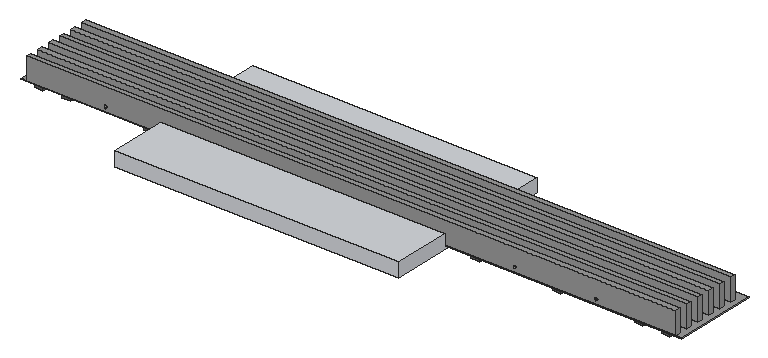
Revit family "1414-6, Solid", category Generic Models, host Face, Revit 2020
Family settings
  Host = Face
  Can host rebar = No
  Round Connector Dimension = Use Diameter
  Part Type = Normal
  Cut with Voids When Loaded = No
  Shared = No
  Room Calculation Point = No
Parameters
  min_value [instance] = 2' - 4"  # constant formula
  max_value [instance] = 11' - 11 1/4"  # constant formula
  actual_value [instance] = if(NET LENGTH < min_value, min_value, if(NET LENGTH > max_value, max_value, NET LENGTH))  # 7' - 11 1/4"
  SCRIM MATERIAL [instance] = SCRIM
  SCRIM APPEARANCE [instance] = yes
  NET LENGTH [instance] = 7' - 11 1/4"
  IMPORTANT NOTE!!!                                                                             *Backer & dowel layout is for visualization purposes only, final layout to be determined by 9Wood. [instance] = ""
  Default Elevation = 4' - 0"
  DOWEL RADIUS [instance] = 0' - 0 1/4"  # constant formula
  BACKER & DOWEL MATERIAL [instance] = BLACK-BACKERS
  .. MEMBER WIDTH [instance] = 0' - 0 3/4"  # constant formula
  .. MEMBER MATERIAL [instance] = Solid Western Hemlock
  .. MEMBER DEPTH [instance] = 0' - 3 1/4"  # constant formula
  .. MEMBER COUNT [instance] = 6  # constant formula
Reference planes (in)
  plane 1 "Center (Front/Back)": y = 0
  plane 2: z = 0
  plane 3 "Center (Left/Right)": x = 0
Forms (in)
  Extrusion 1, solid
    sketch origin (0, 0, 0) x (1, 0, 0) y (0, 1, 0)
      loop
        line (-24.24823, 14.63962) -> (-24.24823, -10.69266) -> (17.36192, -10.69266) -> (17.36192, 14.63962) -> (-24.24823, 14.63962)
    from 0 to 2.0625
Dimensions and locks (in)
  aligned and locked: plane 2 to Extrusion 1
Nested families (in)
  nested 1: "1400 series" at (-44.01308, -2.1224, 0.00189), NET LENGTH <- "actual_value", .. MEMBER DEPTH <- ".. MEMBER DEPTH", .. MEMBER WIDTH <- ".. MEMBER WIDTH", DOWEL RADIUS <- "DOWEL RADIUS", BACKER & DOWEL MATERIAL <- "BACKER & DOWEL MATERIAL", .. MEMBER MATERIAL <- ".. MEMBER MATERIAL", SCRIM MATERIAL <- "SCRIM MATERIAL", MEMBER COUNT <- ".. MEMBER COUNT", SCRIM APPEARANCE <- "SCRIM APPEARANCE", type "1400 series"
    with X 7' - 8", SCRIM MATERIAL SCRIM, SCRIM LENGTH 8' - 1", SCRIM APPEARANCE yes, SCRIM 2 0' - 0 7/8", SCRIM 1 0' - 0 3/32", OC TYP 1' - 0", NET LENGTH 7' - 11 1/4", N 8, MEMBER COUNT 6, INSET 2 0' - 0 3/16", INSET 0' - 1", HALF MEMBER WIDTH 0' - 0 3/8", END BACKER yes, DOWEL RADIUS 0' - 0 1/4", DOWEL INDEX 0' - 11 5/8", DOWEL COUNT 7, BACKING M COUNT 8, BACKER WIDTH 0' - 1 1/4", BACKER INDEX 0' - 5 5/8", BACKER DEPTH 0' - 0 1/2", BACKER & DOWEL MATERIAL BLACK-BACKERS, BACKER &  DOWEL LENGTH 0' - 11 7/8", .. MEMBER WIDTH 0' - 0 3/4", .. MEMBER OC TYP 0' - 2", .. MEMBER MATERIAL Solid Western Hemlock, .. MEMBER DEPTH 0' - 3 1/4"
Definition of nested family "1400 series"
  Parameters (values of type "1400 series")
    X [instance] = NET LENGTH - 0' 3 1/4"  # 7' - 2"
    SCRIM MATERIAL [instance] = none
    SCRIM APPEARANCE [instance] = yes
    SCRIM 2 [instance] = 0' - 0 7/8"  # constant formula
    SCRIM 1 [instance] = 0' - 0 3/32"  # constant formula
    OC TYP [instance] = 1' - 0"  # constant formula
    N [instance] = if((X - (rounddown(X / 1' 0") * 1' 0")) > 1' 0", rounddown(X / 1' 0") + 2, rounddown(X / 1' 0") + 1)  # 8
    MEMBER COUNT [instance] = 2
    INSET 5 = 0' - 0 11/16"  # constant formula
    INSET 2 [instance] = 0' - 0 3/16"  # constant formula
    INSET [instance] = 0' - 1"  # constant formula
    END BACKER [instance] = BACKER INDEX > 0' 3 5/8"  # no
    HALF MEMBER WIDTH [instance] = .. MEMBER WIDTH / 2  # 0' - 1 1/8"
    Default Elevation = 0' - 0"
    DOWEL RADIUS [instance] = 0' - 0 1/4"
    DOWEL INDEX [instance] = BACKER INDEX + 0' 6"  # 0' - 8 5/8"
    DOWEL COUNT [instance] = N - 1  # 7
    BACKER WIDTH [instance] = 0' - 1 1/4"  # constant formula
    BACKER INDEX [instance] = (NET LENGTH - ((N - 1) * 1' 0")) / 2  # 0' - 2 5/8"
    BACKER DEPTH [instance] = 0' - 0 1/2"  # constant formula
    BACKING M COUNT [instance] = N  # 8
    BACKER & DOWEL MATERIAL [instance] = none
    BACKER &  DOWEL LENGTH [instance] = 0' - 11 7/8"  # constant formula
    SCRIM LENGTH [instance] = NET LENGTH + (SCRIM 2 * 2)  # 7' - 7"
    .. MEMBER WIDTH [instance] = 0' - 2 1/4"
    .. MEMBER OC TYP [instance] = 1' 0" / MEMBER COUNT  # 0' - 6"
    .. MEMBER MATERIAL [instance] = none
    NET LENGTH [instance] = 7' - 5 1/4"
    .. MEMBER DEPTH [instance] = 0' - 4"
  Reference planes (in)
    plane 1 "Center (Front/Back)": y = 0
    plane 2: z = 0
    plane 3 "Center (Left/Right)": x = 0
    plane 4: x = 89.25
    plane 5: x = 1
    plane 6: x = 88.25
    plane 7: x = 2.625
    plane 8: x = 8.625
    plane 9: x = 14.625
    plane 10: x = 20.625
    plane 11: y = 0.1875
    plane 12: y = 1.125
    plane 13: y = 7.125
    plane 14: y = 12.0625
    plane 15: x = 90.125
    plane 16: x = -0.875
    plane 17: y = 12.15625
    plane 18: y = -0.09375
    plane 19: z = 2.7097
    plane 20: z = 0.49811
    plane 21: z = 0.56061
    plane 22: z = 1.24811
  Lines and regions (in)
    model lines, not visible
      curve 1: line (8.625, 0, 0.99811) -> (8.625, 0, 1.49811)
      curve 2: line (8.625, 0, 1.49811) -> (8.375, 0, 1.24811)
      curve 3: line (8.375, 0, 1.24811) -> (8.875, 0, 1.24811)
      curve 4: line (20.625, 0, 0.99811) -> (20.625, 0, 1.49811)
      curve 5: line (20.625, 0, 1.49811) -> (20.375, 0, 1.24811)
      curve 6: line (20.375, 0, 1.24811) -> (20.875, 0, 1.24811)
      curve 7: line (32.625, 0, 0.99811) -> (32.625, 0, 1.49811)
      curve 8: line (32.625, 0, 1.49811) -> (32.375, 0, 1.24811)
      curve 9: line (32.375, 0, 1.24811) -> (32.875, 0, 1.24811)
      curve 10: line (44.625, 0, 0.99811) -> (44.625, 0, 1.49811)
      curve 11: line (44.625, 0, 1.49811) -> (44.375, 0, 1.24811)
      curve 12: line (44.375, 0, 1.24811) -> (44.875, 0, 1.24811)
      curve 13: line (56.625, 0, 0.99811) -> (56.625, 0, 1.49811)
      curve 14: line (56.625, 0, 1.49811) -> (56.375, 0, 1.24811)
      curve 15: line (56.375, 0, 1.24811) -> (56.875, 0, 1.24811)
      curve 16: line (68.625, 0, 0.99811) -> (68.625, 0, 1.49811)
      curve 17: line (68.625, 0, 1.49811) -> (68.375, 0, 1.24811)
      curve 18: line (68.375, 0, 1.24811) -> (68.875, 0, 1.24811)
      curve 19: line (80.625, 0, 0.99811) -> (80.625, 0, 1.49811)
      curve 20: line (80.625, 0, 1.49811) -> (80.375, 0, 1.24811)
      curve 21: line (80.375, 0, 1.24811) -> (80.875, 0, 1.24811)
  Dimensions and locks (in)
    "INSET": plane 3 "Center (Left/Right)" to plane 5
    "NET LENGTH": plane 3 "Center (Left/Right)" to plane 4
    "INSET": plane 6 to plane 4
    "BACKER INDEX": plane 3 "Center (Left/Right)" to plane 7
    "DOWEL INDEX": plane 3 "Center (Left/Right)" to plane 8
    "OC TYP": plane 7 to plane 9
    "OC TYP": plane 8 to plane 10
    "INSET 2": plane 1 "Center (Front/Back)" to plane 11
    equal spacing: group 1, group 2, group 5, group 6, group 7, group 13, group 14, group 16  (x3)
    equal spacing: group 3, group 4, group 8, group 9, group 10, group 15, group 17  (x3)
    group 11 to group 12 = 0' - 0"  (x2)
    group 11 to group 12 = 0' - 6"
    ".. MEMBER OC TYP": plane 13 to plane 12
    "HALF MEMBER WIDTH": plane 1 "Center (Front/Back)" to plane 12
    "SCRIM 2": plane 16 to plane 3 "Center (Left/Right)"
    "SCRIM 2": plane 4 to plane 15
    "SCRIM 1": plane 18 to plane 1 "Center (Front/Back)"
    "SCRIM 1": plane 17 to plane 14
    "INSET 5": plane 22 to plane 21
    aligned and locked: level to plane 2
    aligned and locked: plane 7 to nested 2
    aligned and locked: plane 5 to nested 1
    aligned and locked: plane 9 to nested 3
    aligned and locked: nested 1 to plane 5
    aligned and locked: nested 2 to plane 11
    aligned and locked: nested 1 to plane 11
    aligned and locked: nested 3 to plane 11
    aligned and locked: nested 4 to plane 11  (x2)
    aligned and locked: plane 10 to nested 5
    aligned and locked: plane 6 to nested 12
    aligned and locked: nested 5 to plane 11
    aligned and locked: plane 11 to nested 12
    aligned and locked: plane 12 to nested 13
    aligned and locked: nested 14 to plane 13
    aligned and locked: plane 14 to nested 8
    aligned and locked: plane 16 to nested 15
    aligned and locked: nested 15 to plane 18
    aligned and locked: nested 15 to plane 17
    aligned and locked: nested 15 to plane 16  (x2)
    aligned and locked: nested 1 to level
    aligned and locked: level to nested 3
    aligned and locked: plane 20 to nested 2
    aligned and locked: plane 20 to nested 1
    aligned and locked: plane 20 to nested 3
    aligned and locked: nested 12 to plane 20
    aligned and locked: nested 15 to plane 20
    aligned and locked: plane 21 to nested 15
    aligned and locked: nested 13 to plane 21
    aligned and locked: plane 22 to nested 4
    aligned and locked: plane 22 to nested 5
    aligned and locked: nested 13 to plane 8
    aligned and locked: plane 10 to nested 13
    aligned and locked: curve 1 to nested 13
    aligned and locked: nested 13 to curve 4
  Automatic sketch dimensions
    curve 3 to curve 1 = 0' - 0 1/4"  (x2)
    curve 1 to curve 3 = 0' - 0 1/4"
    curve 1 to curve 2 = 0' - 0 1/4"
    curve 6 to curve 4 = 0' - 0 1/4"  (x2)
    curve 4 to curve 6 = 0' - 0 1/4"
    curve 4 to curve 5 = 0' - 0 1/4"
    curve 9 to curve 7 = 0' - 0 1/4"  (x2)
    curve 7 to curve 9 = 0' - 0 1/4"
    curve 7 to curve 8 = 0' - 0 1/4"
    curve 12 to curve 10 = 0' - 0 1/4"  (x2)
    curve 10 to curve 12 = 0' - 0 1/4"
    curve 10 to curve 11 = 0' - 0 1/4"
    curve 15 to curve 13 = 0' - 0 1/4"  (x2)
    curve 13 to curve 15 = 0' - 0 1/4"
    curve 13 to curve 14 = 0' - 0 1/4"
    curve 18 to curve 16 = 0' - 0 1/4"  (x2)
    curve 16 to curve 18 = 0' - 0 1/4"
    curve 16 to curve 17 = 0' - 0 1/4"
    curve 21 to curve 19 = 0' - 0 1/4"  (x2)
    curve 19 to curve 21 = 0' - 0 1/4"
    curve 19 to curve 20 = 0' - 0 1/4"
  Nested families (in)
    nested 1: "INSTANCE - 3RD -  EXTEND BOTH SIDES - Parametric Cube.0001" at (1, 0.1875, 0.49811), Length <- "BACKER &  DOWEL LENGTH", Width <- "BACKER WIDTH", Height <- "BACKER DEPTH", Material <- "BACKER & DOWEL MATERIAL", visible <- "END BACKER", type "INSTANCE - 3RD -  EXTEND BOTH SIDES - Parametric Cube.0001"
      with Width 0' - 1 1/4", Material none, Length 0' - 11 7/8", Height 0' - 0 1/2"
    nested 2: "INSTANCE - 2ND -  EXTEND SIDE H CENTER W - Parametric Cube.0001" at (2.625, 0.1875, 0.49811), Width <- "BACKER WIDTH", Length <- "BACKER &  DOWEL LENGTH", Height <- "BACKER DEPTH", Material <- "BACKER & DOWEL MATERIAL", type "INSTANCE - 2ND -  EXTEND SIDE H CENTER W - Parametric Cube.0001"
      with Width 0' - 1 1/4", Material none, Length 0' - 11 7/8", Height 0' - 0 1/2"
    nested 3: "INSTANCE - 2ND -  EXTEND SIDE H CENTER W - Parametric Cube.0001" at (14.625, 0.1875, 0.49811), Width <- "BACKER WIDTH", Length <- "BACKER &  DOWEL LENGTH", Height <- "BACKER DEPTH", Material <- "BACKER & DOWEL MATERIAL", type "INSTANCE - 2ND -  EXTEND SIDE H CENTER W - Parametric Cube.0001"
      with Width 0' - 1 1/4", Material none, Length 0' - 11 7/8", Height 0' - 0 1/2"
    nested 4: "DOWEL" at (-1.375, 0.1875, 1.24811), DOWEL LENGTH <- "BACKER &  DOWEL LENGTH", DOWEL RADII <- "DOWEL RADIUS", BACKING MEM MATERIAL <- "BACKER & DOWEL MATERIAL", type "DOWEL"
      with DOWEL RADII 0' - 0 1/4", DOWEL LENGTH 0' - 11 7/8", BACKING MEM MATERIAL none
    nested 5: "DOWEL" at (10.625, 0.1875, 1.24811), DOWEL LENGTH <- "BACKER &  DOWEL LENGTH", DOWEL RADII <- "DOWEL RADIUS", BACKING MEM MATERIAL <- "BACKER & DOWEL MATERIAL", type "DOWEL"
      with DOWEL RADII 0' - 0 1/4", DOWEL LENGTH 0' - 11 7/8", BACKING MEM MATERIAL none
    nested 6: "INSTANCE - 2ND -  EXTEND SIDE H CENTER W - Parametric Cube.0001" at (26.625, 0.1875, 0.49811), Width <- "BACKER WIDTH", Length <- "BACKER &  DOWEL LENGTH", Height <- "BACKER DEPTH", Material <- "BACKER & DOWEL MATERIAL", type "INSTANCE - 2ND -  EXTEND SIDE H CENTER W - Parametric Cube.0001"
      with Width 0' - 1 1/4", Material none, Length 0' - 11 7/8", Height 0' - 0 1/2"
    nested 7: "INSTANCE - 2ND -  EXTEND SIDE H CENTER W - Parametric Cube.0001" at (38.625, 0.1875, 0.49811), Width <- "BACKER WIDTH", Length <- "BACKER &  DOWEL LENGTH", Height <- "BACKER DEPTH", Material <- "BACKER & DOWEL MATERIAL", type "INSTANCE - 2ND -  EXTEND SIDE H CENTER W - Parametric Cube.0001"
      with Width 0' - 1 1/4", Material none, Length 0' - 11 7/8", Height 0' - 0 1/2"
    nested 8: "INSTANCE - 2ND -  EXTEND SIDE H CENTER W - Parametric Cube.0001" at (50.625, 0.1875, 0.49811), Width <- "BACKER WIDTH", Length <- "BACKER &  DOWEL LENGTH", Height <- "BACKER DEPTH", Material <- "BACKER & DOWEL MATERIAL", type "INSTANCE - 2ND -  EXTEND SIDE H CENTER W - Parametric Cube.0001"
      with Width 0' - 1 1/4", Material none, Length 0' - 11 7/8", Height 0' - 0 1/2"
    nested 9: "DOWEL" at (22.625, 0.1875, 1.24811), DOWEL LENGTH <- "BACKER &  DOWEL LENGTH", DOWEL RADII <- "DOWEL RADIUS", BACKING MEM MATERIAL <- "BACKER & DOWEL MATERIAL", type "DOWEL"
      with DOWEL RADII 0' - 0 1/4", DOWEL LENGTH 0' - 11 7/8", BACKING MEM MATERIAL none
    nested 10: "DOWEL" at (34.625, 0.1875, 1.24811), DOWEL LENGTH <- "BACKER &  DOWEL LENGTH", DOWEL RADII <- "DOWEL RADIUS", BACKING MEM MATERIAL <- "BACKER & DOWEL MATERIAL", type "DOWEL"
      with DOWEL RADII 0' - 0 1/4", DOWEL LENGTH 0' - 11 7/8", BACKING MEM MATERIAL none
    nested 11: "DOWEL" at (46.625, 0.1875, 1.24811), DOWEL LENGTH <- "BACKER &  DOWEL LENGTH", DOWEL RADII <- "DOWEL RADIUS", BACKING MEM MATERIAL <- "BACKER & DOWEL MATERIAL", type "DOWEL"
      with DOWEL RADII 0' - 0 1/4", DOWEL LENGTH 0' - 11 7/8", BACKING MEM MATERIAL none
    nested 12: "INSTANCE - 3RD -  EXTEND BOTH SIDES - Parametric Cube.0001" at (88.25, 0.1875, 0.49811) x (-1, 0, 0) z (0, 0, 1), Width <- "BACKER WIDTH", Length <- "BACKER &  DOWEL LENGTH", Height <- "BACKER DEPTH", Material <- "BACKER & DOWEL MATERIAL", visible <- "END BACKER", type "INSTANCE - 3RD -  EXTEND BOTH SIDES - Parametric Cube.0001"
      with Width 0' - 1 1/4", Material none, Length 0' - 11 7/8", Height 0' - 0 1/2"
    nested 13: "HOLED MEMBER" at (0, -9.75, 8.12965), DOWEL INDEX <- "DOWEL INDEX", .. MEMBER LENGTH <- "NET LENGTH", .. MEMBER WIDTH <- ".. MEMBER WIDTH", DOWEL OC DIST <- "OC TYP", DOWEL RADII <- "DOWEL RADIUS", Material <- ".. MEMBER MATERIAL", DEPTH <- ".. MEMBER DEPTH", DOWEL COUNT <- "DOWEL COUNT", Space <- "INSET 5", type "HOLED MEMBER"
      with Space 0' - 0 11/16", Material none, Height 0' - 10.43096", HALF MEMBER WIDTH 0' - 1 1/8", DOWEL RADII 0' - 0 1/4", DOWEL OC DIST 1' - 0", DOWEL INDEX 0' - 8 5/8", DOWEL COUNT 7, DEPTH 0' - 4", .. MEMBER WIDTH 0' - 2 1/4", .. MEMBER LENGTH 7' - 5 1/4"
    nested 14: "HOLED MEMBER" at (0, -3.75, 8.12965), DOWEL INDEX <- "DOWEL INDEX", .. MEMBER LENGTH <- "NET LENGTH", .. MEMBER WIDTH <- ".. MEMBER WIDTH", DOWEL OC DIST <- "OC TYP", DOWEL RADII <- "DOWEL RADIUS", Material <- ".. MEMBER MATERIAL", DEPTH <- ".. MEMBER DEPTH", DOWEL COUNT <- "DOWEL COUNT", Space <- "INSET 5", type "HOLED MEMBER"
      with Space 0' - 0 11/16", Material none, Height 0' - 10.43096", HALF MEMBER WIDTH 0' - 1 1/8", DOWEL RADII 0' - 0 1/4", DOWEL OC DIST 1' - 0", DOWEL INDEX 0' - 8 5/8", DOWEL COUNT 7, DEPTH 0' - 4", .. MEMBER WIDTH 0' - 2 1/4", .. MEMBER LENGTH 7' - 5 1/4"
    nested 15: "INSTANCE - 3RD -  EXTEND BOTH SIDES - Parametric Cube.0001" at (-0.875, -0.09375, 0.56061), Width <- "SCRIM LENGTH", Material <- "SCRIM MATERIAL", visible <- "SCRIM APPEARANCE", type "INSTANCE - 3RD -  EXTEND BOTH SIDES - Parametric Cube.0001"
      with Width 7' - 7", Material none, Length 1' - 0 1/4", Height 0' - 0 1/16"
    nested 16: "INSTANCE - 2ND -  EXTEND SIDE H CENTER W - Parametric Cube.0001" at (62.625, 0.1875, 0.49811), Width <- "BACKER WIDTH", Length <- "BACKER &  DOWEL LENGTH", Height <- "BACKER DEPTH", Material <- "BACKER & DOWEL MATERIAL", type "INSTANCE - 2ND -  EXTEND SIDE H CENTER W - Parametric Cube.0001"
      with Width 0' - 1 1/4", Material none, Length 0' - 11 7/8", Height 0' - 0 1/2"
    nested 17: "INSTANCE - 2ND -  EXTEND SIDE H CENTER W - Parametric Cube.0001" at (74.625, 0.1875, 0.49811), Width <- "BACKER WIDTH", Length <- "BACKER &  DOWEL LENGTH", Height <- "BACKER DEPTH", Material <- "BACKER & DOWEL MATERIAL", type "INSTANCE - 2ND -  EXTEND SIDE H CENTER W - Parametric Cube.0001"
      with Width 0' - 1 1/4", Material none, Length 0' - 11 7/8", Height 0' - 0 1/2"
    nested 18: "DOWEL" at (58.625, 0.1875, 1.24811), DOWEL LENGTH <- "BACKER &  DOWEL LENGTH", DOWEL RADII <- "DOWEL RADIUS", BACKING MEM MATERIAL <- "BACKER & DOWEL MATERIAL", type "DOWEL"
      with DOWEL RADII 0' - 0 1/4", DOWEL LENGTH 0' - 11 7/8", BACKING MEM MATERIAL none
    nested 19: "INSTANCE - 2ND -  EXTEND SIDE H CENTER W - Parametric Cube.0001" at (86.625, 0.1875, 0.49811), Width <- "BACKER WIDTH", Length <- "BACKER &  DOWEL LENGTH", Height <- "BACKER DEPTH", Material <- "BACKER & DOWEL MATERIAL", type "INSTANCE - 2ND -  EXTEND SIDE H CENTER W - Parametric Cube.0001"
      with Width 0' - 1 1/4", Material none, Length 0' - 11 7/8", Height 0' - 0 1/2"
    nested 20: "DOWEL" at (70.625, 0.1875, 1.24811), DOWEL LENGTH <- "BACKER &  DOWEL LENGTH", DOWEL RADII <- "DOWEL RADIUS", BACKING MEM MATERIAL <- "BACKER & DOWEL MATERIAL", type "DOWEL"
      with DOWEL RADII 0' - 0 1/4", DOWEL LENGTH 0' - 11 7/8", BACKING MEM MATERIAL none
  Definition of nested family "INSTANCE - 3RD -  EXTEND BOTH SIDES - Parametric Cube.0001"
    Parameters (values of type "INSTANCE - 3RD -  EXTEND BOTH SIDES - Parametric Cube.0001")
      Width [instance] = 0' - 6"
      Material [instance] = none
      Length [instance] = 1' - 0"
      Height [instance] = 1' - 6"
      Default Elevation = 0' - 0"
    Reference planes (in)
      plane 1 "Center (Front/Back)": y = 0
      plane 2: z = 0
      plane 3 "Center (Left/Right)": x = 0
      plane 4: x = 6
      plane 5: y = 12
      plane 6: z = -18
    Forms (in)
      Extrusion 1, solid, material <- "Material"
        sketch origin (0, 6, 0) x (1, 0, 0) y (0, 1, 0)
          loop
            line (0, 6) -> (0, -6) -> (6, -6) -> (6, 6) -> (0, 6)
        from -18 to 0
    Dimensions and locks (in)
      "Height": plane 6 to level
      "Length": plane 1 "Center (Front/Back)" to plane 5
      "Width": plane 3 "Center (Left/Right)" to plane 4
      aligned and locked: plane 2 to level
      aligned and locked: Extrusion 1 sketch curve to plane 4
      aligned and locked: Extrusion 1 to plane 6
      aligned and locked: plane 5 to Extrusion 1
      aligned and locked: Extrusion 1 to plane 3 "Center (Left/Right)"
    Automatic sketch dimensions
      plane 1 "Center (Front/Back)" to Extrusion 1 sketch curve = 0' - 0"
      plane 5 to Extrusion 1 sketch curve = 0' - 0"
      Extrusion 1 sketch curve to plane 3 "Center (Left/Right)" = 0' - 0"
  Definition of nested family "INSTANCE - 2ND -  EXTEND SIDE H CENTER W - Parametric Cube.0001"
    Parameters (values of type "INSTANCE - 2ND -  EXTEND SIDE H CENTER W - Parametric Cube.0001")
      Width [instance] = 0' - 6"
      Material [instance] = none
      Length [instance] = 1' - 0"
      Height [instance] = 1' - 6"
      Default Elevation = 0' - 0"
    Reference planes (in)
      plane 1 "Center (Front/Back)": y = 0
      plane 2: z = 0
      plane 3 "Center (Left/Right)": x = 0
      plane 4: x = -3
      plane 5: x = 3
      plane 6: y = 12
      plane 7: z = -18
    Forms (in)
      Extrusion 1, solid, material <- "Material"
        sketch origin (0, 6, 0) x (1, 0, 0) y (0, 1, 0)
          loop
            line (-3, 6) -> (-3, -6) -> (3, -6) -> (3, 6) -> (-3, 6)
        from -18 to 0
    Dimensions and locks (in)
      equal spacing: plane 4, plane 3 "Center (Left/Right)", plane 5
      "Width": plane 4 to plane 5
      "Height": plane 7 to level
      "Length": plane 1 "Center (Front/Back)" to plane 6
      aligned and locked: plane 2 to level
      aligned and locked: plane 4 to Extrusion 1 sketch curve
      aligned and locked: Extrusion 1 sketch curve to plane 5
      aligned and locked: Extrusion 1 to plane 7
      aligned and locked: plane 6 to Extrusion 1
    Automatic sketch dimensions
      plane 1 "Center (Front/Back)" to Extrusion 1 sketch curve = 0' - 0"
      plane 6 to Extrusion 1 sketch curve = 0' - 0"
  Definition of nested family "DOWEL"
    Parameters (values of type "DOWEL")
      Default Elevation = 0' - 0"
      DOWEL RADII [instance] = 0' - 0 5/8"
      DOWEL LENGTH [instance] = 1' - 0"
      BACKING MEM MATERIAL [instance] = none
    Reference planes (in)
      plane 1 "Center (Front/Back)": y = 0
      plane 2: z = 0
      plane 3 "Center (Left/Right)": x = 0
      plane 4: y = 12
    Forms (in)
      Extrusion 1, solid, material <- "BACKING MEM MATERIAL"
        sketch origin (10, 0, 0) x (1, 0, 0) y (0, 0, 1)
          loop
            circle (0, 0) r 0.625
        from 0 to -12
      Extrusion 2, solid, not visible
        sketch origin (0, 0, 0) x (1, 0, 0) y (0, 0, 1)
          loop
            circle (0, 0) r 0.625
        from 0 to 12
      Extrusion 3, solid, not visible
        sketch origin (10, 0, 0) x (1, 0, 0) y (0, 0, 1)
          loop
            circle (0, 0) r 0.625
        from 0 to 2.5
      Extrusion 4, solid, not visible
        sketch origin (10, 0, 0) x (1, 0, 0) y (0, 0, 1)
          loop
            circle (0, 0) r 0.625
        from 0 to -12
    Lines and regions (in)
      model lines, not visible
        curve 1: line (-13, 0, 0) -> (-13, -12, 0)
        curve 2: line (13, 0, 0) -> (13, -12, 0)
        curve 3: line (9.89453, 0, 0) -> (10.08794, 0, 0)
        curve 4: line (9.89453, -2.5, 0) -> (10.08794, -2.5, 0)
        curve 6: line (10, 0, 0) -> (10, 2, 0)
      model lines
        curve 5: line (10, 0, 0) -> (10, 2, 0)
    Dimensions and locks (in)
      "DOWEL LENGTH": plane 1 "Center (Front/Back)" to plane 4
      "DOWEL RADII": radius of Extrusion 1 sketch curve
      "DOWEL RADII": radius of Extrusion 2 sketch curve
      "DOWEL RADII": radius of Extrusion 3 sketch curve
      "DOWEL RADII": radius of Extrusion 4 sketch curve
      "DOWEL RADII": radius of Extrusion 1
      aligned and locked: plane 2 to level
      aligned and locked: Extrusion 1 to plane 1 "Center (Front/Back)"  (x3)
      aligned and locked: plane 1 "Center (Front/Back)" to Extrusion 1
      aligned and locked: plane 4 to Extrusion 1
    Automatic sketch dimensions
      plane 1 "Center (Front/Back)" to curve 5 = 0' - 0"
      curve 5 to plane 1 "Center (Front/Back)" = 0' - 2"
      plane 3 "Center (Left/Right)" to curve 5 = 0' - 10"
      Extrusion 1 sketch curve to level = 0' - 0"
      plane 3 "Center (Left/Right)" to Extrusion 1 sketch curve = 0' - 10"
  Definition of nested family "HOLED MEMBER"
    Parameters (values of type "HOLED MEMBER")
      Space [instance] = 0' - 0 5/8"
      Material [instance] = none
      Height [instance] = 0' - 10.43096"
      HALF MEMBER WIDTH [instance] = .. MEMBER WIDTH / 2  # 0' - 0 5/16"
      Default Elevation = 0' - 0"
      DOWEL RADII [instance] = 0' - 0.34537"
      DOWEL OC DIST [instance] = 1' - 0"
      DOWEL INSET = 0' - 0 5/8"
      DOWEL INDEX [instance] = 0' - 5 5/8"
      DOWEL COUNT [instance] = 6
      DEPTH [instance] = 0' - 2"
      .. MEMBER WIDTH [instance] = 0' - 0 5/8"
      .. MEMBER LENGTH [instance] = 5' - 11 3/4"
    Reference planes (in)
      plane 1 "Center (Front/Back)": y = 12
      plane 2: z = -7.56904
      plane 3 "Center (Left/Right)": x = 0
      plane 4: x = 5.625
      plane 5: x = 17.625
      plane 6: y = 11.375
      plane 7: x = 71.75
      plane 8: y = 11.6875
      plane 9: z = -6.94404
      plane 10: z = -5.56904
    Forms (in)
      Extrusion 1, solid, material <- "Material"
        sketch origin (0, 12, -13.56904) x (1, 0, 0) y (0, 0, 1)
          loop
            line (0, 6) -> (71.75, 6) -> (71.75, 8) -> (0, 8) -> (0, 6)
        from 0.625 to 0
      Extrusion 2, void
        sketch origin (0, 12, -18.31904) x (1, 0, 0) y (0, 0, 1)
          loop
            circle (5.625, 11.375) r 0.34537
        from 0 to 12
      Extrusion 3, void, not visible
        sketch origin (0, 0, 0) x (1, 0, 0) y (0, 1, 0)
          loop
            circle (5.625, 11.375) r 0.34537
        from 0 to 12
      Extrusion 4, void, not visible
        sketch origin (0, 0, 0) x (1, 0, 0) y (0, 1, 0)
          loop
            circle (5.625, 11.375) r 0.34537
        from 0 to 12
      Extrusion 5, void, not visible
        sketch origin (12, 0, 0) x (1, 0, 0) y (0, 1, 0)
          loop
            circle (5.625, 11.375) r 0.34537
        from 0 to 12
      Extrusion 6, void, not visible
        sketch origin (0, 12, -17.56904) x (1, 0, 0) y (0, 0, 1)
          loop
            circle (5.625, 11.375) r 0.34537
        from 0 to 12
      Extrusion 7, void, not visible
        sketch origin (12, 12, -17.56904) x (1, 0, 0) y (0, 0, 1)
          loop
            circle (5.625, 11.375) r 0.34537
        from 0 to 12
      Extrusion 8, void, not visible
        sketch origin (0, 12, -19.56904) x (1, 0, 0) y (0, 0, 1)
          loop
            circle (5.625, 11.375) r 0.34537
        from 0 to 12
      Extrusion 9, void
        sketch origin (12, 12, -18.31904) x (1, 0, 0) y (0, 0, 1)
          loop
            circle (5.625, 11.375) r 0.34537
        from 0 to 12
      Extrusion 10, void
        sketch origin (24, 12, -18.31904) x (1, 0, 0) y (0, 0, 1)
          loop
            circle (5.625, 11.375) r 0.34537
        from 0 to 12
      Extrusion 11, void
        sketch origin (36, 12, -18.31904) x (1, 0, 0) y (0, 0, 1)
          loop
            circle (5.625, 11.375) r 0.34537
        from 0 to 12
      Extrusion 12, void
        sketch origin (48, 12, -18.31904) x (1, 0, 0) y (0, 0, 1)
          loop
            circle (5.625, 11.375) r 0.34537
        from 0 to 12
      Extrusion 13, void
        sketch origin (60, 12, -18.31904) x (1, 0, 0) y (0, 0, 1)
          loop
            circle (5.625, 11.375) r 0.34537
        from 0 to 12
      Extrusion 14, void, not visible
        sketch origin (24, 12, -17.56904) x (1, 0, 0) y (0, 0, 1)
          loop
            circle (5.625, 11.375) r 0.34537
        from 0 to 12
      Extrusion 15, void, not visible
        sketch origin (36, 12, -17.56904) x (1, 0, 0) y (0, 0, 1)
          loop
            circle (5.625, 11.375) r 0.34537
        from 0 to 12
      Extrusion 16, void, not visible
        sketch origin (48, 12, -17.56904) x (1, 0, 0) y (0, 0, 1)
          loop
            circle (5.625, 11.375) r 0.34537
        from 0 to 12
      Extrusion 17, void, not visible
        sketch origin (60, 12, -17.56904) x (1, 0, 0) y (0, 0, 1)
          loop
            circle (5.625, 11.375) r 0.34537
        from 0 to 12
      Extrusion 18, void, not visible
        sketch origin (24, 0, 0) x (1, 0, 0) y (0, 1, 0)
          loop
            circle (5.625, 11.375) r 0.34537
        from 0 to 12
      Extrusion 19, void, not visible
        sketch origin (36, 0, 0) x (1, 0, 0) y (0, 1, 0)
          loop
            circle (5.625, 11.375) r 0.34537
        from 0 to 12
      Extrusion 20, void, not visible
        sketch origin (48, 0, 0) x (1, 0, 0) y (0, 1, 0)
          loop
            circle (5.625, 11.375) r 0.34537
        from 0 to 12
      Extrusion 21, void, not visible
        sketch origin (60, 0, 0) x (1, 0, 0) y (0, 1, 0)
          loop
            circle (5.625, 11.375) r 0.34537
        from 0 to 12
    Cuts and joins
      Extrusion 2, Extrusion 9, Extrusion 10, Extrusion 11, Extrusion 12, Extrusion 13 cuts Extrusion 1
    Lines and regions (in)
      model lines, not visible
        curve 1: line (5.625, 11.72037, 0) -> (5.625, 11.02963, 0)
        curve 2: line (5.625, 11.72037, 0) -> (5.625, 11.02963, 0)
        curve 3: line (17.625, 11.72037, 0) -> (17.625, 11.02963, 0)
        curve 4: line (5.625, 12, -7.56904) -> (5.625, 11.87317, -7.56904)
        curve 5: line (5.625, 11.87317, -7.56904) -> (5.06195, 11.87317, -7.56904)
        curve 6: line (5.06195, 11.87317, -7.56904) -> (5.27963, 11.375, -7.56904)
        curve 7: line (0, 12, -6.19404) -> (0, 11.61951, -6.19404)
        curve 9: line (0, 11.375, -8.19404) -> (0, 11.6747, -8.19404)
        curve 10: line (5.625, 12, -7.56904) -> (5.625, 11.69863, -7.56904)
        curve 11: line (5.625, 12, -7.56904) -> (5.625, 11.69863, -7.56904)
        curve 12: line (5.625, 10.75, 0) -> (5.625, 10.75, 0.30137)
        curve 13: line (5.625, 10.75, 0) -> (5.625, 10.75, 0.30137)
        curve 14: line (17.625, 10.75, 0) -> (17.625, 10.75, 0.30137)
        curve 15: line (5.625, 12, -6.81904) -> (5.625, 11.69863, -6.81904)
        curve 16: line (17.625, 12, -6.81904) -> (17.625, 11.69863, -6.81904)
        curve 17: line (5.625, 12, -8.81904) -> (5.625, 11.69863, -8.81904)
        curve 18: line (17.625, 12, -7.56904) -> (17.625, 11.69863, -7.56904)
        curve 19: line (29.625, 12, -7.56904) -> (29.625, 11.69863, -7.56904)
        curve 20: line (41.625, 12, -7.56904) -> (41.625, 11.69863, -7.56904)
        curve 21: line (53.625, 12, -7.56904) -> (53.625, 11.69863, -7.56904)
        curve 22: line (65.625, 12, -7.56904) -> (65.625, 11.69863, -7.56904)
        curve 23: line (29.625, 12, -6.81904) -> (29.625, 11.69863, -6.81904)
        curve 24: line (41.625, 12, -6.81904) -> (41.625, 11.69863, -6.81904)
        curve 25: line (53.625, 12, -6.81904) -> (53.625, 11.69863, -6.81904)
        curve 26: line (65.625, 12, -6.81904) -> (65.625, 11.69863, -6.81904)
        curve 27: line (29.625, 11.72037, 0) -> (29.625, 11.02963, 0)
        curve 28: line (29.625, 10.75, 0) -> (29.625, 10.75, 0.30137)
        curve 29: line (41.625, 11.72037, 0) -> (41.625, 11.02963, 0)
        curve 30: line (41.625, 10.75, 0) -> (41.625, 10.75, 0.30137)
        curve 31: line (53.625, 11.72037, 0) -> (53.625, 11.02963, 0)
        curve 32: line (53.625, 10.75, 0) -> (53.625, 10.75, 0.30137)
        curve 33: line (65.625, 11.72037, 0) -> (65.625, 11.02963, 0)
        curve 34: line (65.625, 10.75, 0) -> (65.625, 10.75, 0.30137)
        curve 35: line (5.27963, 12, -6.94404) -> (5.97037, 12, -6.94404)
        curve 36: line (5.97037, 12, -6.94404) -> (5.625, 12, -6.59867)
        curve 37: line (5.625, 12, -6.59867) -> (5.625, 12, -7.28941)
        curve 38: line (5.27963, 11.375, 0) -> (5.97037, 11.375, 0)
        curve 39: line (5.97037, 11.375, 0) -> (5.625, 11.72037, 0)
        curve 40: line (5.625, 11.72037, 0) -> (5.625, 11.02963, 0)
        curve 41: line (5.27963, 11.375, 0) -> (5.97037, 11.375, 0)
        curve 42: line (5.97037, 11.375, 0) -> (5.625, 11.72037, 0)
        curve 43: line (5.625, 11.72037, 0) -> (5.625, 11.02963, 0)
        curve 44: line (17.27963, 11.375, 0) -> (17.97037, 11.375, 0)
        curve 45: line (17.97037, 11.375, 0) -> (17.625, 11.72037, 0)
        curve 46: line (17.625, 11.72037, 0) -> (17.625, 11.02963, 0)
        curve 47: line (5.27963, 12, -6.19404) -> (5.97037, 12, -6.19404)
        curve 48: line (5.97037, 12, -6.19404) -> (5.625, 12, -5.84867)
        curve 49: line (5.625, 12, -5.84867) -> (5.625, 12, -6.53941)
        curve 50: line (17.27963, 12, -6.19404) -> (17.97037, 12, -6.19404)
        curve 51: line (17.97037, 12, -6.19404) -> (17.625, 12, -5.84867)
        curve 52: line (17.625, 12, -5.84867) -> (17.625, 12, -6.53941)
        curve 53: line (5.27963, 12, -8.19404) -> (5.97037, 12, -8.19404)
        curve 54: line (5.97037, 12, -8.19404) -> (5.625, 12, -7.84867)
        curve 55: line (5.625, 12, -7.84867) -> (5.625, 12, -8.53941)
        curve 56: line (17.27963, 12, -6.94404) -> (17.97037, 12, -6.94404)
        curve 57: line (17.97037, 12, -6.94404) -> (17.625, 12, -6.59867)
        curve 58: line (17.625, 12, -6.59867) -> (17.625, 12, -7.28941)
        curve 59: line (29.27963, 12, -6.94404) -> (29.97037, 12, -6.94404)
        curve 60: line (29.97037, 12, -6.94404) -> (29.625, 12, -6.59867)
        curve 61: line (29.625, 12, -6.59867) -> (29.625, 12, -7.28941)
        curve 62: line (41.27963, 12, -6.94404) -> (41.97037, 12, -6.94404)
        curve 63: line (41.97037, 12, -6.94404) -> (41.625, 12, -6.59867)
        curve 64: line (41.625, 12, -6.59867) -> (41.625, 12, -7.28941)
        curve 65: line (53.27963, 12, -6.94404) -> (53.97037, 12, -6.94404)
        curve 66: line (53.97037, 12, -6.94404) -> (53.625, 12, -6.59867)
        curve 67: line (53.625, 12, -6.59867) -> (53.625, 12, -7.28941)
        curve 68: line (65.27963, 12, -6.94404) -> (65.97037, 12, -6.94404)
        curve 69: line (65.97037, 12, -6.94404) -> (65.625, 12, -6.59867)
        curve 70: line (65.625, 12, -6.59867) -> (65.625, 12, -7.28941)
        curve 71: line (29.27963, 12, -6.19404) -> (29.97037, 12, -6.19404)
        curve 72: line (29.97037, 12, -6.19404) -> (29.625, 12, -5.84867)
        curve 73: line (29.625, 12, -5.84867) -> (29.625, 12, -6.53941)
        curve 74: line (41.27963, 12, -6.19404) -> (41.97037, 12, -6.19404)
        curve 75: line (41.97037, 12, -6.19404) -> (41.625, 12, -5.84867)
        curve 76: line (41.625, 12, -5.84867) -> (41.625, 12, -6.53941)
        curve 77: line (53.27963, 12, -6.19404) -> (53.97037, 12, -6.19404)
        curve 78: line (53.97037, 12, -6.19404) -> (53.625, 12, -5.84867)
        curve 79: line (53.625, 12, -5.84867) -> (53.625, 12, -6.53941)
        curve 80: line (65.27963, 12, -6.19404) -> (65.97037, 12, -6.19404)
        curve 81: line (65.97037, 12, -6.19404) -> (65.625, 12, -5.84867)
        curve 82: line (65.625, 12, -5.84867) -> (65.625, 12, -6.53941)
        curve 83: line (29.27963, 11.375, 0) -> (29.97037, 11.375, 0)
        curve 84: line (29.97037, 11.375, 0) -> (29.625, 11.72037, 0)
        curve 85: line (29.625, 11.72037, 0) -> (29.625, 11.02963, 0)
        curve 86: line (41.27963, 11.375, 0) -> (41.97037, 11.375, 0)
        curve 87: line (41.97037, 11.375, 0) -> (41.625, 11.72037, 0)
        curve 88: line (41.625, 11.72037, 0) -> (41.625, 11.02963, 0)
        curve 89: line (53.27963, 11.375, 0) -> (53.97037, 11.375, 0)
        curve 90: line (53.97037, 11.375, 0) -> (53.625, 11.72037, 0)
        curve 91: line (53.625, 11.72037, 0) -> (53.625, 11.02963, 0)
        curve 92: line (65.27963, 11.375, 0) -> (65.97037, 11.375, 0)
        curve 93: line (65.97037, 11.375, 0) -> (65.625, 11.72037, 0)
        curve 94: line (65.625, 11.72037, 0) -> (65.625, 11.02963, 0)
      model lines
        curve 8: line (5.625, 12, -7.56904) -> (5.625, 11.69863, -7.56904)
    Dimensions and locks (in)
      "DOWEL INDEX": plane 3 "Center (Left/Right)" to plane 4
      "DOWEL OC DIST": plane 4 to plane 5
      ".. MEMBER LENGTH": plane 3 "Center (Left/Right)" to plane 7
      equal spacing: group 3, group 4, group 21, group 22, group 23, group 24  (x3)
      equal spacing: group 7, group 8, group 17, group 18, group 19, group 20  (x3)
      ".. MEMBER WIDTH": plane 6 to plane 1 "Center (Front/Back)"
      "HALF MEMBER WIDTH": plane 8 to plane 1 "Center (Front/Back)"
      equal spacing: group 1, group 12, group 13, group 14, group 15, group 16  (x2)
      equal spacing: group 16, group 15, group 14, group 13, group 12, group 1
      "DEPTH": plane 10 to level
      "Space": plane 9 to level
      "DOWEL RADII": radius of Extrusion 2 sketch curve
      "DOWEL RADII": radius of Extrusion 3 sketch curve
      "DOWEL RADII": radius of Extrusion 4 sketch curve
      "DOWEL RADII": radius of Extrusion 5 sketch curve
      "DOWEL RADII": radius of Extrusion 6 sketch curve
      "DOWEL RADII": radius of Extrusion 7 sketch curve
      "DOWEL RADII": radius of Extrusion 8 sketch curve
      "DOWEL RADII": radius of Extrusion 9 sketch curve
      "DOWEL RADII": radius of Extrusion 10 sketch curve
      "DOWEL RADII": radius of Extrusion 11 sketch curve
      "DOWEL RADII": radius of Extrusion 12 sketch curve
      "DOWEL RADII": radius of Extrusion 13 sketch curve
      "DOWEL RADII": radius of Extrusion 14 sketch curve
      "DOWEL RADII": radius of Extrusion 15 sketch curve
      "DOWEL RADII": radius of Extrusion 16 sketch curve
      "DOWEL RADII": radius of Extrusion 17 sketch curve
      "DOWEL RADII": radius of Extrusion 18 sketch curve
      "DOWEL RADII": radius of Extrusion 19 sketch curve
      "DOWEL RADII": radius of Extrusion 20 sketch curve
      "DOWEL RADII": radius of Extrusion 21 sketch curve
      aligned and locked: level to plane 2
      aligned and locked: Extrusion 1 to plane 3 "Center (Left/Right)"  (x2)
      aligned and locked: plane 7 to cut or joined group of Extrusion 1, Extrusion 2, Extrusion 9, Extrusion 10, Extrusion 11, Extrusion 12, Extrusion 13  (x2)
      aligned and locked: cut or joined group of Extrusion 1, Extrusion 2, Extrusion 9, Extrusion 10, Extrusion 11, Extrusion 12, Extrusion 13 to plane 1 "Center (Front/Back)"  (x2)
      aligned and locked: cut or joined group of Extrusion 1, Extrusion 2, Extrusion 9, Extrusion 10, Extrusion 11, Extrusion 12, Extrusion 13 to plane 6  (x2)
      aligned and locked: plane 4 to curve 11
      aligned and locked: curve 18 to plane 5
      aligned and locked: plane 4 to group 1
      aligned and locked: group 12 to plane 5
      aligned and locked: curve 35 to plane 9
      aligned and locked: plane 4 to curve 37
      aligned and locked: curve 56 to plane 9
      aligned and locked: curve 58 to plane 5
      aligned and locked: plane 10 to cut or joined group of Extrusion 1, Extrusion 2, Extrusion 9, Extrusion 10, Extrusion 11, Extrusion 12, Extrusion 13  (x2)
      aligned and locked: cut or joined group of Extrusion 1, Extrusion 2, Extrusion 9, Extrusion 10, Extrusion 11, Extrusion 12, Extrusion 13 to level
      aligned and locked: level to cut or joined group of Extrusion 1, Extrusion 2, Extrusion 9, Extrusion 10, Extrusion 11, Extrusion 12, Extrusion 13
    Automatic sketch dimensions
      curve 1 to curve 1 = 0' - 0.69074"
      curve 2 to curve 2 = 0' - 0.69074"
      curve 3 to curve 3 = 0' - 0.69074"
      Extrusion 1 sketch curve to plane 3 "Center (Left/Right)" = 0' - 0"
      Extrusion 1 sketch curve to plane 7 = 0' - 0"
      Extrusion 1 sketch curve to Extrusion 1 sketch curve = 0' - 2"
      Extrusion 1 sketch curve to level = 0' - 0"
      curve 8 to curve 8 = 0' - 0.30137"
      curve 10 to curve 10 = 0' - 0.30137"
      curve 8 to plane 4 = 0' - 0"
      plane 1 "Center (Front/Back)" to curve 8 = 0' - 0"
      plane 1 "Center (Front/Back)" to curve 8 = 0' - 0.30137"
      curve 11 to curve 11 = 0' - 0.30137"
      curve 12 to curve 12 = 0' - 0.30137"
      curve 13 to curve 13 = 0' - 0.30137"
      curve 14 to curve 14 = 0' - 0.30137"
      curve 15 to curve 15 = 0' - 0.30137"
      curve 16 to curve 16 = 0' - 0.30137"
      curve 17 to curve 17 = 0' - 0.30137"
      curve 18 to curve 18 = 0' - 0.30137"
      curve 19 to curve 19 = 0' - 0.30137"
      curve 20 to curve 20 = 0' - 0.30137"
      curve 21 to curve 21 = 0' - 0.30137"
      curve 22 to curve 22 = 0' - 0.30137"
      curve 23 to curve 23 = 0' - 0.30137"
      curve 24 to curve 24 = 0' - 0.30137"
      curve 25 to curve 25 = 0' - 0.30137"
      curve 26 to curve 26 = 0' - 0.30137"
      curve 27 to curve 27 = 0' - 0.69074"
      curve 28 to curve 28 = 0' - 0.30137"
      curve 29 to curve 29 = 0' - 0.69074"
      curve 30 to curve 30 = 0' - 0.30137"
      curve 31 to curve 31 = 0' - 0.69074"
      curve 32 to curve 32 = 0' - 0.30137"
      curve 33 to curve 33 = 0' - 0.69074"
      curve 34 to curve 34 = 0' - 0.30137"
      curve 37 to curve 35 = 0' - 0.34537"  (x2)
      curve 35 to curve 36 = 0' - 0.34537"
      curve 35 to curve 37 = 0' - 0.34537"
      curve 40 to curve 38 = 0' - 0.34537"  (x2)
      curve 38 to curve 39 = 0' - 0.34537"
      curve 38 to curve 40 = 0' - 0.34537"
      curve 43 to curve 41 = 0' - 0.34537"  (x2)
      curve 41 to curve 42 = 0' - 0.34537"
      curve 41 to curve 43 = 0' - 0.34537"
      curve 46 to curve 44 = 0' - 0.34537"  (x2)
      curve 44 to curve 45 = 0' - 0.34537"
      curve 44 to curve 46 = 0' - 0.34537"
      curve 49 to curve 47 = 0' - 0.34537"  (x2)
      curve 47 to curve 48 = 0' - 0.34537"
      curve 47 to curve 49 = 0' - 0.34537"
      curve 52 to curve 50 = 0' - 0.34537"  (x2)
      curve 50 to curve 51 = 0' - 0.34537"
      curve 50 to curve 52 = 0' - 0.34537"
      curve 55 to curve 53 = 0' - 0.34537"  (x2)
      curve 53 to curve 54 = 0' - 0.34537"
      curve 53 to curve 55 = 0' - 0.34537"
      curve 58 to curve 56 = 0' - 0.34537"  (x2)
      curve 56 to curve 57 = 0' - 0.34537"
      curve 56 to curve 58 = 0' - 0.34537"
      curve 61 to curve 59 = 0' - 0.34537"  (x2)
      curve 59 to curve 60 = 0' - 0.34537"
      curve 59 to curve 61 = 0' - 0.34537"
      curve 64 to curve 62 = 0' - 0.34537"  (x2)
      curve 62 to curve 63 = 0' - 0.34537"
      curve 62 to curve 64 = 0' - 0.34537"
      curve 67 to curve 65 = 0' - 0.34537"  (x2)
      curve 65 to curve 66 = 0' - 0.34537"
      curve 65 to curve 67 = 0' - 0.34537"
      curve 70 to curve 68 = 0' - 0.34537"  (x2)
      curve 68 to curve 69 = 0' - 0.34537"
      curve 68 to curve 70 = 0' - 0.34537"
      curve 73 to curve 71 = 0' - 0.34537"  (x2)
      curve 71 to curve 72 = 0' - 0.34537"
      curve 71 to curve 73 = 0' - 0.34537"
      curve 76 to curve 74 = 0' - 0.34537"  (x2)
      curve 74 to curve 75 = 0' - 0.34537"
      curve 74 to curve 76 = 0' - 0.34537"
      curve 79 to curve 77 = 0' - 0.34537"  (x2)
      curve 77 to curve 78 = 0' - 0.34537"
      curve 77 to curve 79 = 0' - 0.34537"
      curve 82 to curve 80 = 0' - 0.34537"  (x2)
      curve 80 to curve 81 = 0' - 0.34537"
      curve 80 to curve 82 = 0' - 0.34537"
      curve 85 to curve 83 = 0' - 0.34537"  (x2)
      curve 83 to curve 84 = 0' - 0.34537"
      curve 83 to curve 85 = 0' - 0.34537"
      curve 88 to curve 86 = 0' - 0.34537"  (x2)
      curve 86 to curve 87 = 0' - 0.34537"
      curve 86 to curve 88 = 0' - 0.34537"
      curve 91 to curve 89 = 0' - 0.34537"  (x2)
      curve 89 to curve 90 = 0' - 0.34537"
      curve 89 to curve 91 = 0' - 0.34537"
      curve 94 to curve 92 = 0' - 0.34537"  (x2)
      curve 92 to curve 93 = 0' - 0.34537"
      curve 92 to curve 94 = 0' - 0.34537"
